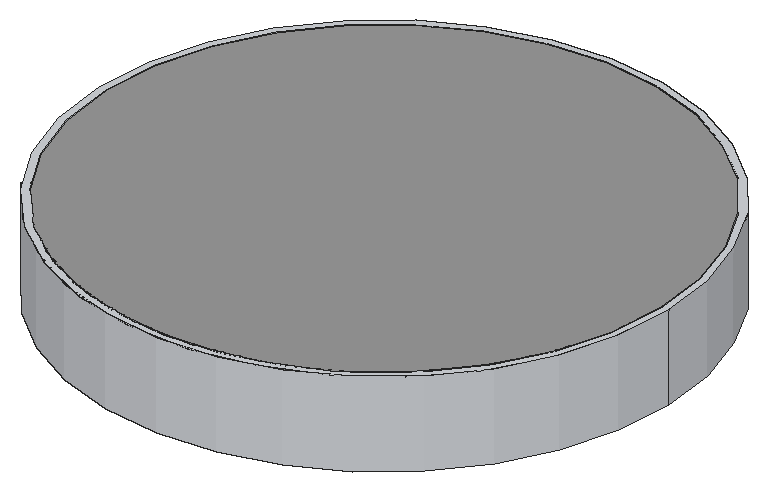
Revit family "2071151", category Lighting Fixtures, host Face, Revit 2018
Family settings
  Host = Face
  Round Connector Dimension = Use Diameter
  Part Type = Normal
  OmniClass Number = 23.80.70.00
  OmniClass Title = Lighting
  Cut with Voids When Loaded = No
  Light Source = Yes
  Shared = No
  Room Calculation Point = No
Parameters (values of type "2071151 COLOSSAL 400 940 OP DIR+H WHT")
  iner diameter = 390 mm
  Weight = "n/a"
  Wattage Comments = ""
  Wattage = 30 W
  WarrantyStartDate [instance] = "n/a"
  WarrantyGuarantorParts = "n/a"
  WarrantyDurationUnit = "n/a"
  WarrantyDurationParts = ""
  WarrantyDescription = "http://www.sylvania-lighting.com"
  built-in parameter 1150110 = 1 (stored number, unit not read)
  Voltage = 230 V
  URL = "0.95"
  TypeName = "COLOSSAL 400mm 940 OPAL DIR+HAL WHITE"
  Type Image = <None>
  Type Comments = "n/a"
  built-in parameter 1114217 = 1 (stored number, unit not read)
  Tilt Angle = -90.00°
  built-in parameter 1150109 = 1 (stored number, unit not read)
  built-in parameter 1150134 = (empty or 0)
  built-in parameter 1150113 = 1 (stored number, unit not read)
  SerialNumber [instance] = "n/a"
  Photometric Web File = "2071151.ies"
  Material_3_SYL = LED-Sylvania
  PowerFactor = 0
  PowerConsumption = "Lighting"
  NominalLength = 400 mm
  NominalHeight = 93 mm
  NominalDepth = 400 mm
  Name = "COLOSSAL 400mm 940 OPAL DIR+HAL WHITE"
  ModelReference = Name  # "COLOSSAL 400mm 940 OPAL DIR+HAL WHITE"
  ModelNumber = "2071151"
  Model = Name  # "COLOSSAL 400mm 940 OPAL DIR+HAL WHITE"
  Material = "Feilo Sylvania"
  ManufacturerName = "109 lm/W"
  Manufacturer = ""
  LuminousEfficacy = ""
  built-in parameter 1150105 = 270.44 (stored number, unit not read)
  Lumens = 3398.4 lm
  LuminaireType = "0"
  built-in parameter 1150115 = 1 (stored number, unit not read)
  LightOutputRatio = "LED"
  built-in parameter 1150137 = (empty or 0)
  built-in parameter 1150139 = (empty or 0)
  LampsType = Lamp  # "n/a"
  LampNominalLuminous = "4000 K"
  LampMacAdamStep = "90"
  LampColourTemperature = "LED"
  LampColourRenderingIndex = "16500"
  built-in parameter 1150112 = 1 (stored number, unit not read)
  built-in parameter 1150114 = 1 (stored number, unit not read)
  Lamp = "n/a"
  Keynote = "n/a"
  InstallationDate [instance] = "n/a"
  InputVoltage = "0"
  InputNominalFrequency = "4000"
  built-in parameter 1150132 = (empty or 0)
  built-in parameter 1150102 = (empty or 0)
  built-in parameter 1150107 = 3000 (stored number, unit not read)
  built-in parameter 1150138 = (empty or 0)
  IngressProtection = "IfcLightFixtureType"
  ImpactProtectionIndex = "IfcLightFixtureType"
  built-in parameter 1150106 = 2.7044 (stored number, unit not read)
  IfcExportType = "IfcLightFixtureType"
  IfcExportAs = "Class I"
  Emit from Circle Diameter = 385 mm
  Emit Shape Visible in Rendering = no
  ElectricShockClassification = "109"
  built-in parameter 1150104 = 10.524 (stored number, unit not read)
  DocumentationLiterature = "http://www.sylvania-lighting.com/product/en-int/products/2071151"
  DimmingControlOptions = "n/a"
  Material_2_SYL = Polycarbonate_Sylvania_White
  Dimming Lamp Color Temperature Shift = <None>
  Description = "400mm diameter circular architectural luminaire, can be surface mounted or suspended. Powder coated aluminium housing (RAL9016) with polycarbonate opal diffuser. Direct/indirect (halo) light distribution, 2280lm luminuous flux, 21W system power, 109lm/W luminiaire efficacy. Constant current driver. Colour rendering index Ra >90, 4000K Neutral White LED, chromaticity tolerance of 3-step MacAdam ellipse. IP40, IK03. 450mA drive current. Electrical protection Class1, 220-240V. Reported lifetime 66k hours L90B10."
  Default Elevation = 1219.2 mm
  CreatedOn = "22/03/2022"
  CreatedBy = "@sylvania-lighting.com"
  Cost = 0
  Color Filter = 16777215
  built-in parameter 1114216 [instance] = (empty or 0)
  ClassificationValue = "EF_70_80"
  ClassificationName = "Uniclass2015"
  Material_1_SYL = Polycarbonate_Sylvania_Opal
  BarCode [instance] = "n/a"
  built-in parameter 1114218 = 1 (stored number, unit not read)
  built-in parameter 1150133 = 10 (stored number, unit not read)
  AssetType = "Fixed"
  AssetIdentifier [instance] = "n/a"
  Assembly Code = "D5020200"
  Apparent Load = 21 VA
  Material_4_SYL = none
Reference planes
  plane 1 "Center (Front/Back)": y = 0
  plane 2: z = 0
  plane 3 "Center (Left/Right)": x = 0
  plane 4: x = -200
  plane 5: x = 200
  plane 6: y = 200
  plane 7: y = -200
  plane 8: y = 236
  plane 9: y = -236
  plane 10: z = 93
  plane 11: y = 195
  plane 12: y = -195
  plane 13: y = 90.5
  plane 14: y = 144.5
  plane 15: through (52.25, 90.5, 1219.2) normal (0.866, 0.5, 0)
  plane 16: through (52.25, 90.5, 1219.2) normal (0.866, 0.5, 0)
  plane 17: through (63.706, 126.657, 1219.2) normal (0.866, 0.5, 0)
  plane 18: through (-104.5, 0, 1219.2) normal (-0.866, 0.5, 0)
  plane 19: through (-142.394, -9.633, 1219.2) normal (-0.866, 0.5, 0)
  plane 20: y = -90.5
  plane 21: y = -118.5
  plane 22: through (85.371, -141.133, 1219.2) normal (-0.866, 0.5, 0)
  plane 23: through (52.25, -90.5, 1219.2) normal (-0.866, 0.5, 0)
  plane 24: through (-161.658, 0, 1219.2) normal (0.866, 0.5, 0)
  plane 25: through (-172.12, 9.121, 1219.2) normal (0.866, 0.5, 0)
  plane 26: through (-104.5, 0, 1219.2) normal (0.866, 0.5, 0)
Forms (mm)
  Extrusion 1, solid, detail levels medium+fine
    sketch origin (0, 0, 0) x (1, 0, 0) y (0, 1, 0)
      loop
        circle (0, 0) r 200
    from 33.023 to 93
  Extrusion 2, void
    sketch origin (0, 0, 0) x (1, 0, 0) y (0, 1, 0)
      loop
        circle (0, 0) r 195
    from 93 to 37.292
  Extrusion 3, solid, material "Glass, White, High Luminance", detail levels fine
    sketch origin (0, 0, 0) x (1, 0, 0) y (0, 1, 0)
      loop
        circle (0, 0) r 195
    from 88.026 to 93
  Extrusion 4, solid, detail levels coarse
    sketch origin (0, 0, 0) x (1, 0, 0) y (0, 1, 0)
      loop
        line (-200, 200) -> (-200, -200) -> (200, -200) -> (200, 200) -> (-200, 200)
    from 0 to 93
  Blend 5, solid, detail levels medium+fine
    base sketch origin (0, 0, 0) x (1, 0, 0) y (0, 1, 0)
      loop
        line (-52.25, 90.5) -> (-104.5, 0) -> (-52.25, -90.5) -> (52.25, -90.5) -> (104.5, 0) -> (52.25, 90.5) -> (-52.25, 90.5)
    top sketch origin (0, 0, 0) x (1, 0, 0) y (0, 1, 0)
      loop
        line (-53.405, 144.5) -> (-149.245, -21.5) -> (-93.242, -118.5) -> (98.438, -118.5) -> (151.843, -26) -> (53.405, 144.5) -> (-53.405, 144.5)
    from 0 to 33.023
Cuts and joins
  Extrusion 2 cuts Extrusion 1
Dimensions and locks
  "NominalDepth": plane 6 to plane 7
  "NominalLength": plane 4 to plane 5
  equal spacing: plane 4, plane 3 "Center (Left/Right)", plane 5
  "iner diameter": plane 11 to plane 12
  equal spacing: plane 11, plane 1 "Center (Front/Back)", plane 12
  equal spacing: plane 6, plane 1 "Center (Front/Back)", plane 7
  "NominalHeight": plane 10 to level
  plane 19 to plane 18 = 28 mm
  radius of Extrusion 2 sketch curve = 195 mm
  aligned and locked: plane 2 to host face
  aligned and locked: level to host face
Automatic sketch dimensions
  host sketch curve to host sketch curve = 2438.4 mm  (x2)
  plane 1 "Center (Front/Back)" to Extrusion 1 sketch curve = 0 mm
  Extrusion 1 sketch curve to plane 3 "Center (Left/Right)" = 0 mm
  plane 1 "Center (Front/Back)" to Extrusion 2 sketch curve = 0 mm
  Extrusion 2 sketch curve to plane 3 "Center (Left/Right)" = 0 mm
  plane 1 "Center (Front/Back)" to Extrusion 3 sketch curve = 0 mm
  Extrusion 3 sketch curve to plane 3 "Center (Left/Right)" = 0 mm
  Extrusion 4 sketch curve to plane 4 = 0 mm
  Extrusion 4 sketch curve to plane 5 = 0 mm
  Extrusion 4 sketch curve to plane 7 = 0 mm
  Extrusion 4 sketch curve to plane 6 = 0 mm
  Blend 5 sketch curve to plane 19 = 0 mm  (x2)
  Blend 5 sketch curve to plane 24 = 0 mm  (x2)
  Blend 5 sketch curve to plane 21 = 0 mm
  Blend 5 sketch curve to plane 14 = 0 mm
  Blend 5 sketch curve to plane 17 = 0 mm  (x2)
  Blend 5 sketch curve to plane 22 = 0 mm  (x2)
  radius of Extrusion 1 sketch curve = 200 mm
  radius of Extrusion 3 sketch curve = 195 mm
Connectors
  electrical at (0, 0, 0), driven by "Apparent Load", driven by "PowerFactor", driven by "Voltage"
    settings: index 1, voltage 230 V, apparent load 21 VA, apparent load phase1 0 VA, apparent load phase2 0 VA, apparent load phase3 0 VA, power factor 0, load classification "Lighting", number of poles 1, system type 30, power factor state 1, is connector primary yes, connector utility no, sub classification motor no, connector description ""
